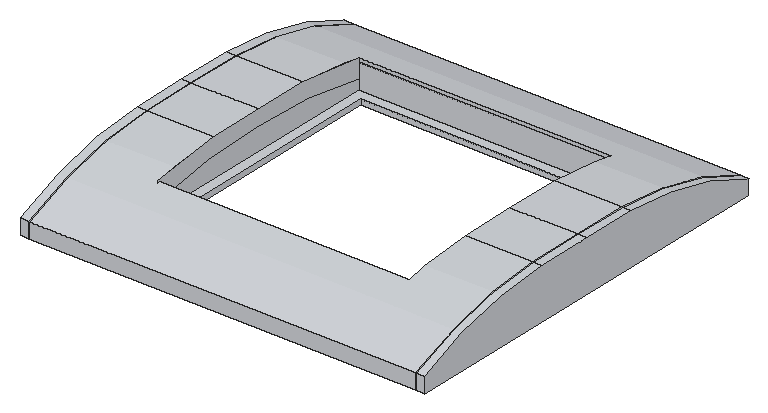
Revit family "Gira_021113", category Electrical Fixtures, host Face, Revit 2017
Family settings
  Host = Face
  Maintain Annotation Orientation = No
  Round Connector Dimension = Use Diameter
  Part Type = Normal
  Cut with Voids When Loaded = No
  Shared = No
  Room Calculation Point = No
Parameters (values of type "Cov.fr. 1-g interm.fr. AN Gira Event Opaque dark brown")
  With mounting grid = "No"
  With hinged lid = "No"
  URL = "http://katalog.gira.de/en/datenblatt.html?artikelnr=021113"
  Type of fastening = "Clamp mounting"
  Transparent = "No"
  Surface protection = "Other"
  Suitable for wall duct = "No"
  Suitable for flush-mounted installation = "Yes"
  Suitable for floor box = "No"
  Suitable for built-in installation = "No"
  Number of units vertical = "1"
  Number of units horizontal = "1"
  Number of units = "1"
  Name = "Cov.fr. 1-g interm.fr. AN Gira Event Opaque dark brown"
  Mounting direction = "Horizontal and vertical"
  Material quality = "Thermoplastic"
  Material = "Plastic"
  Manufacturer URL = "https://www.gira.de/"
  Manufacturer = "Gira"
  Label space/information surface = "No"
  Keynote = ""
  HeinzeBIM = "https://bimportal.heinze.de/bim/cov-fr-1-g-interm-fr-an-gira-event-opaque-dark-brown/d03981e5f68c3127de6c6938711068d10b3fd322"
  Halogen free = "Yes"
  HAN = "021113"
  GTIN = "4010337003090"
  Description = "Cov.fr.1g i.fr.AN EvOp DBN,Gira Event Opaque frames,dark brown with anthracite intermediate frame,1-gang,Features:,- Shatter-proof."
  Degree of protection (IP) = "IP20"
  Default Elevation = 1219.2 mm
  Data sheet (1) = "https://katalog.gira.de/en/download.html?artikelnr=021113"
  Colour = "Brown"
  Category = "Cover frame for domestic switching devices"
  BIM (1) = "https://media.stage.bim.site/public/gira/36a6b08/Event_Rahmen_1fach.rfa"
  Available = "No"
Reference planes
  plane 1 "Center (Front/Back)": y = 0
  plane 2: z = 0
  plane 3 "Center (Left/Right)": x = 0
Forms (mm)
  Extrusion 1, solid, detail levels fine
    sketch origin (0, 0, 1.55) x (0, 1, 0) y (0, 0, 1)
      loop
        arc (12.445, 9.683) -> (6.223, 9.833) -> (0, 9.85) r 291.636
        arc (0, 9.85) -> (-6.223, 9.833) -> (-12.445, 9.683) r 291.636
        arc (-12.445, 9.683) -> (-29.14, 7.482) -> (-45, 1.823) r 79.728
        line (-45, 1.823) -> (-45, -1.55) -> (-41.777, -1.55) -> (-41.777, -0.55)
        arc (-41.777, -0.55) -> (-21.205, 4.846) -> (0, 6.467) r 118.15
        arc (0, 6.467) -> (21.205, 4.846) -> (41.777, -0.55) r 118.15
        line (41.777, -0.55) -> (41.777, -1.55) -> (45, -1.55) -> (45, 1.823)
        arc (45, 1.823) -> (29.14, 7.482) -> (12.445, 9.683) r 79.728
    from -43 to 43
  Extrusion 2, void, detail levels fine
    sketch origin (0, 0, 0) x (1, 0, 0) y (0, 1, 0)
      loop
        line (-28, -28) -> (28, -28) -> (28, 28) -> (-28, 28) -> (-28, -28)
    from 2.85 to 12
  Extrusion 3, solid, detail levels coarse
    sketch origin (0, 0, 0) x (1, 0, 0) y (0, 1, 0)
      loop
        line (-45, 45) -> (-45, -45) -> (45, -45) -> (45, 45) -> (-45, 45)
    from 0 to 11.4
  Extrusion 4, solid, detail levels medium
    sketch origin (0, 0, 1.55) x (0, 1, 0) y (0, 0, 1)
      loop
        arc (12.445, 9.683) -> (6.223, 9.833) -> (0, 9.85) r 291.636
        arc (0, 9.85) -> (-6.223, 9.833) -> (-12.445, 9.683) r 291.636
        arc (-12.445, 9.683) -> (-29.14, 7.482) -> (-45, 1.823) r 79.728
        line (-45, 1.823) -> (-45, -1.55) -> (45, -1.55) -> (45, 1.823)
        arc (45, 1.823) -> (29.14, 7.482) -> (12.445, 9.683) r 79.728
    from -45 to 45
  Extrusion 5, solid, detail levels fine
    sketch origin (0, 0, 0) x (0, 1, 0) y (0, 0, 1)
      loop
        arc (45, 3.373) -> (29.14, 9.032) -> (12.445, 11.233) r 79.728
        arc (12.445, 11.233) -> (6.223, 11.383) -> (0, 11.4) r 291.636
        arc (0, 11.4) -> (-6.223, 11.383) -> (-12.445, 11.233) r 291.636
        arc (-12.445, 11.233) -> (-29.14, 9.032) -> (-45, 3.373) r 79.728
        line (-45, 3.373) -> (-45, 0) -> (45, 0) -> (45, 3.373)
    from 43 to 45
  Extrusion 6, solid, detail levels fine
    sketch origin (0, 0, 0) x (0, 1, 0) y (0, 0, -1)
      loop
        line (45, -3.373) -> (45, 0) -> (-45, 0) -> (-45, -3.373)
        arc (-45, -3.373) -> (-29.14, -9.032) -> (-12.445, -11.233) r 79.728
        arc (-12.445, -11.233) -> (-6.223, -11.383) -> (0, -11.4) r 291.636
        arc (0, -11.4) -> (6.223, -11.383) -> (12.445, -11.233) r 291.636
        arc (12.445, -11.233) -> (29.14, -9.032) -> (45, -3.373) r 79.728
    from 43 to 45
  Extrusion 7, solid, detail levels fine
    sketch origin (0, 0, 0) x (1, 0, 0) y (0, 1, 0)
      loop
        line (-25.7, 25.7) -> (-25.7, -25.7) -> (25.7, -25.7) -> (25.7, 25.7) -> (-25.7, 25.7)
      loop
        line (-29.495, 27.895) -> (-29.495, -27.895)
        spline (-29.495, -27.895) -> (-29.486, -28.025) -> (-29.461, -28.154) -> (-29.419, -28.278) -> (-29.361, -28.395) -> (-29.288, -28.504) -> (-29.202, -28.602) -> (-29.104, -28.688) -> (-28.995, -28.761) -> (-28.878, -28.819) -> (-28.754, -28.861) -> (-28.625, -28.886) -> (-28.495, -28.895)
        line (-28.495, -28.895) -> (28.495, -28.895)
        spline (28.495, -28.895) -> (28.625, -28.886) -> (28.754, -28.861) -> (28.878, -28.819) -> (28.995, -28.761) -> (29.104, -28.688) -> (29.202, -28.602) -> (29.288, -28.504) -> (29.361, -28.395) -> (29.419, -28.278) -> (29.461, -28.154) -> (29.486, -28.025) -> (29.495, -27.895)
        line (29.495, -27.895) -> (29.495, 27.895)
        spline (29.495, 27.895) -> (29.486, 28.025) -> (29.461, 28.154) -> (29.419, 28.278) -> (29.361, 28.395) -> (29.288, 28.504) -> (29.202, 28.602) -> (29.104, 28.688) -> (28.995, 28.761) -> (28.878, 28.819) -> (28.754, 28.861) -> (28.625, 28.886) -> (28.495, 28.895)
        line (28.495, 28.895) -> (-28.495, 28.895)
        spline (-28.495, 28.895) -> (-28.625, 28.886) -> (-28.754, 28.861) -> (-28.878, 28.819) -> (-28.995, 28.761) -> (-29.104, 28.688) -> (-29.202, 28.602) -> (-29.288, 28.504) -> (-29.361, 28.395) -> (-29.419, 28.278) -> (-29.461, 28.154) -> (-29.486, 28.025) -> (-29.495, 27.895)
    from 1.673 to 8.5
Cuts and joins
  Extrusion 2 cuts Extrusion 1
  Extrusion 2 cuts Extrusion 7
Dimensions and locks
  aligned and locked: plane 2 to host face
  aligned and locked: level to host face
